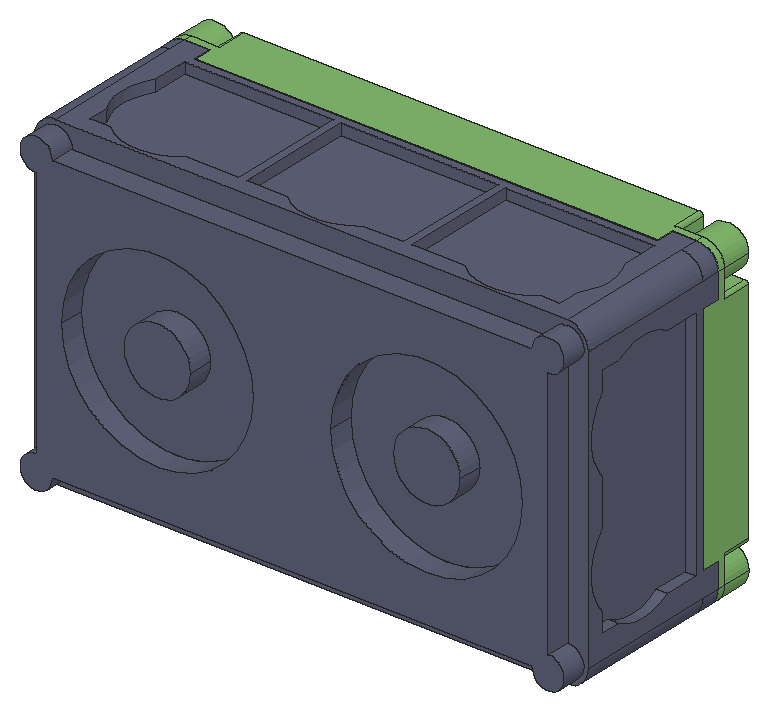
Revit family "E_Cable Junction Box_MEPcontent_Spelsberg_BS 2_INT-EN", category Electrical Fixtures, Revit 2017
Family settings
  Maintain Annotation Orientation = Yes
  Round Connector Dimension = Use Diameter
  Part Type = Junction Box
  OmniClass Number = 23.80.30.14.24
  OmniClass Title = Junction Boxes
  Work Plane-Based = No
  Always vertical = Yes
  Cut with Voids When Loaded = No
  Shared = No
  Room Calculation Point = No
Parameters (values of type "BS 2")
  Width = 86.000 mm
  Voltage = 230 V  # constant formula
  URL = ""
  Rotation W-Axis Total [instance] = [Rotation W-Axis Correction] + [Rotation W-Axis]  # 0.00°
  Rotation W-Axis Default Correction = 0.00°
  Rotation W-Axis Correction = 0.00°
  Rotation W-Axis [instance] = 0.00°
  Rotation V-Axis Total [instance] = [Rotation V-Axis Correction] + [Rotation V-Axis]  # 0.00°
  Rotation V-Axis Default Correction = 0.00°
  Rotation V-Axis Correction = 0.00°
  Rotation V-Axis [instance] = 0.00°
  Rotation U-Axis Total [instance] = [Rotation U-Axis Correction] + [Rotation U-Axis]  # 0.00°
  Rotation U-Axis Default Correction = 0.00°
  Rotation U-Axis Correction = 0.00°
  Rotation U-Axis [instance] = 0.00°
  Revit Version = "2017"  # constant formula
  Product Line = "Spelsberg"  # constant formula
  Power [instance] = 0 VA
  Placeholder Height = 59.100 mm
  Model = "BS 2"
  Manufacturer URL = "http://www.spelsberg.com/p/97400201"
  Manufacturer Art. No. = "97400201"
  Manufacturer = "Spelsberg"  # constant formula
  Length = 146.000 mm
  IFCExportType = "NOTDEFINED"  # constant formula
  IFCExportAs = "IfcJunctionBox"  # constant formula
  Height = 59.100 mm
  Green = Color RAL 6018
  ETIM Article Class = "EC002601"  # constant formula
  Description = "Equipment installation box BS 2"  # constant formula
  Cable Opening Diameter [instance] = 32.000 mm
  Cap Offset [instance] = 0.000 mm
  Blue = Color RAL 5013
  Article Type = "BS 2"
  Article Description = "Equipment installation box BS 2"  # constant formula
  3D Representation = 3DGeometry : 3DGeometry
Reference planes
  plane 1 "Center (Front/Back)": y = 0
  plane 2: z = 0
  plane 3 "Center (Left/Right)": x = 0
Dimensions and locks
  aligned and locked: level to plane 2
Nested families
  nested 1: "GeometryPlaceholder" at (0, 0, 0) x (1, 0, 0) z (0, 0, -1), Rotation v-axis <- "Rotation V-Axis Total", Rotation w-axis <- "Rotation W-Axis Total", Rotation u-axis <- "Rotation U-Axis Total", Height <- "Placeholder Height", type "GeometryPlaceholder", not visible
    with Width 10.000 mm, Rotation w-axis 0.00°, Rotation v-axis 0.00°, Rotation u-axis 0.00°, ModelBaseAngle 0.00°, Length 10.000 mm, Height 59.100 mm
  nested 2: "3DGeometry" at (0, 0, 0) x (1, 0, 0) z (0, 1, 0), type <- "3D Representation", Cap Offset <- "Cap Offset", type "3DGeometry"
    with Cap Offset Safe 0.000 mm, Cap Offset 0.000 mm, Cable Opening Diameter 32.000 mm
Connectors
  cabletrayconduit at (46, 24.5, -40), diameter 32, driven by "Cable Opening Diameter"
    settings: on nested 2, index 1, connector width 300.000 mm, connector height 300.000 mm, connector angle 0.00°, system type 32, placement type 0, profile type 0, connector reference index -1, is primary connector yes, connector utility param no, connector description "Conduit Individual Connector1"
  cabletrayconduit at (0, 24.5, -40), diameter 32, driven by "Cable Opening Diameter"
    settings: on nested 2, index 2, connector width 300.000 mm, connector height 300.000 mm, connector angle 0.00°, system type 32, placement type 0, profile type 0, connector reference index -1, is primary connector no, connector utility param no, connector description "Conduit Individual Connector2"
  cabletrayconduit at (-46, 24.5, -40), diameter 32, driven by "Cable Opening Diameter"
    settings: on nested 2, index 3, connector width 300.000 mm, connector height 300.000 mm, connector angle 0.00°, system type 32, placement type 0, profile type 0, connector reference index -1, is primary connector no, connector utility param no, connector description "Conduit Individual Connector3"
  cabletrayconduit at (-70, 24.5, -16), diameter 32, driven by "Cable Opening Diameter"
    settings: on nested 2, index 4, connector width 300.000 mm, connector height 300.000 mm, connector angle 0.00°, system type 32, placement type 0, profile type 0, connector reference index -1, is primary connector no, connector utility param no, connector description "Conduit Individual Connector4"
  cabletrayconduit at (-70, 24.5, 16), diameter 32, driven by "Cable Opening Diameter"
    settings: on nested 2, index 5, connector width 300.000 mm, connector height 300.000 mm, connector angle 0.00°, system type 32, placement type 0, profile type 0, connector reference index -1, is primary connector no, connector utility param no, connector description "Conduit Individual Connector5"
  cabletrayconduit at (-46, 24.5, 40), diameter 32, driven by "Cable Opening Diameter"
    settings: on nested 2, index 6, connector width 300.000 mm, connector height 300.000 mm, connector angle 0.00°, system type 32, placement type 0, profile type 0, connector reference index -1, is primary connector no, connector utility param no, connector description "Conduit Individual Connector6"
  cabletrayconduit at (0, 24.5, 40), diameter 32, driven by "Cable Opening Diameter"
    settings: on nested 2, index 7, connector width 300.000 mm, connector height 300.000 mm, connector angle 0.00°, system type 32, placement type 0, profile type 0, connector reference index -1, is primary connector no, connector utility param no, connector description "Conduit Individual Connector7"
  cabletrayconduit at (46, 24.5, 40), diameter 32, driven by "Cable Opening Diameter"
    settings: on nested 2, index 8, connector width 300.000 mm, connector height 300.000 mm, connector angle 0.00°, system type 32, placement type 0, profile type 0, connector reference index -1, is primary connector no, connector utility param no, connector description "Conduit Individual Connector8"
  cabletrayconduit at (70, 24.5, 16), diameter 32, driven by "Cable Opening Diameter"
    settings: on nested 2, index 9, connector width 300.000 mm, connector height 300.000 mm, connector angle 0.00°, system type 32, placement type 0, profile type 0, connector reference index -1, is primary connector no, connector utility param no, connector description "Conduit Individual Connector9"
  cabletrayconduit at (70, 24.5, -16), diameter 32, driven by "Cable Opening Diameter"
    settings: on nested 2, index 10, connector width 300.000 mm, connector height 300.000 mm, connector angle 0.00°, system type 32, placement type 0, profile type 0, connector reference index -1, is primary connector no, connector utility param no, connector description "Conduit Individual Connector10"
Definition of nested family "3DGeometry"
  Parameters (values of type "3DGeometry")
    Width = 86.000 mm
    Length = 146.000 mm
    Height = 59.100 mm
    Cap Offset Safe [instance] = if(Cap Offset < 0.000 mm, 0.000 mm, Cap Offset)  # 25.000 mm
    Cap Offset [instance] = 25.000 mm
    Blue = none
    Type Comments = "﻿﻿ ﻿ ﻿﻿﻿﻿﻿﻿             ﻿     ﻿                ﻿  ﻿  ﻿​     ​​  ​​   ​​   ﻿﻿     ​      ​​  ​​      ﻿    ﻿﻿        ﻿ ﻿          ﻿﻿"
    Keynote = "﻿﻿ ﻿ ﻿﻿﻿﻿﻿﻿             ﻿     ﻿                ﻿  ﻿  ﻿​     ​​  ​​   ​​   ﻿﻿     ​      ​​  ​​      ﻿    ﻿﻿        ﻿ ﻿          ﻿﻿"
    Green = none
    Cable Opening Diameter [instance] = 32.000 mm
    Description = "﻿﻿ ﻿ ﻿﻿﻿﻿﻿﻿             ﻿     ﻿                ﻿  ﻿  ﻿​     ​​  ​​   ​​   ﻿﻿     ​      ​​  ​​      ﻿    ﻿﻿        ﻿ ﻿          ﻿﻿"
    Default Elevation = 0.000 mm
    Assembly Code = "﻿﻿ ﻿ ﻿﻿﻿﻿﻿﻿             ﻿     ﻿                ﻿  ﻿  ﻿​     ​​  ​​   ​​   ﻿﻿     ​      ​​  ​​      ﻿    ﻿﻿        ﻿ ﻿          ﻿﻿"
  Reference planes
    plane 1 "Center (Front/Back)": y = 0
    plane 2: z = 0
    plane 3 "Center (Left/Right)": x = 0
    plane 4 "width back": y = 43
    plane 5 "width front": y = -43
    plane 6: z = 59.1
    plane 7 "connectors": z = 24.5
    plane 8 "lid": z = 69.1
    plane 9 "top box": z = 74.1
    plane 10: y = 16
    plane 11: y = -16
    plane 12: z = 76.1
    plane 13 "length left": x = -73
    plane 14 "length right": x = 73
    plane 15: x = -46
    plane 16: x = 46
    plane 17 "offset": z = 84.1
    plane 18 "fixed": z = 44.1
    plane 19: z = 49.1
    plane 20: z = 51.1
  Forms (mm)
    Extrusion 1, solid
      sketch origin (0, 0, 0) x (1, 0, 0) y (0, 1, 0)
        loop
          line (-1219.2, 1219.2) -> (-1219.2, -1219.2) -> (1219.2, -1219.2) -> (1219.2, 1219.2) -> (-1219.2, 1219.2)
      from 0 to -304.8
    Extrusion 2, solid, material <- "Blue", detail levels fine
      sketch origin (0, 0, 0) x (1, 0, 0) y (0, 1, 0)
        loop
          arc (-67.5, 43) -> (-71.389, 41.389) -> (-73, 37.5) r 5.5
          line (-73, 37.5) -> (-73, -37.5)
          arc (-73, -37.5) -> (-71.389, -41.389) -> (-67.5, -43) r 5.5
          line (-67.5, -43) -> (67.5, -43)
          arc (67.5, -43) -> (71.389, -41.389) -> (73, -37.5) r 5.5
          line (73, -37.5) -> (73, 37.5)
          arc (73, 37.5) -> (71.389, 41.389) -> (67.5, 43) r 5.5
          line (67.5, 43) -> (-67.5, 43)
      from 0 to 44.1
    Extrusion 3, void
      sketch origin (0, 0, 0) x (1, 0, 0) y (0, 0, 1)
        loop
          line (-62, 42) -> (-62, 32.5)
          arc (-62, 32.5) -> (-64.311, 24.5) -> (-62, 16.5) r 15
          line (-62, 16.5) -> (-62, 10.82) -> (-56.811, 10.82)
          arc (-56.811, 10.82) -> (-46.811, 7) -> (-36.811, 10.82) r 15
          line (-36.811, 10.82) -> (-22.75, 10.82) -> (-22.75, 42) -> (-62, 42)
        loop
          arc (36.811, 10.82) -> (46.811, 7) -> (56.811, 10.82) r 15
          line (56.811, 10.82) -> (62, 10.82) -> (62, 16.5)
          arc (62, 16.5) -> (64.311, 24.5) -> (62, 32.5) r 15
          line (62, 32.5) -> (62, 42) -> (22.75, 42) -> (22.75, 10.82) -> (36.811, 10.82)
        loop
          line (-20.75, 42) -> (-20.75, 10.82) -> (-10, 10.82)
          arc (-10, 10.82) -> (0, 7) -> (10, 10.82) r 15
          line (10, 10.82) -> (20.75, 10.82) -> (20.75, 42) -> (-20.75, 42)
      from 40 to 43
    Extrusion 4, void
      sketch origin (0, 0, 0) x (1, 0, 0) y (0, 0, -1)
        loop
          line (-62, -42) -> (-22.75, -42) -> (-22.75, -10.82) -> (-36.811, -10.82)
          arc (-36.811, -10.82) -> (-46.811, -7) -> (-56.811, -10.82) r 15
          line (-56.811, -10.82) -> (-62, -10.82) -> (-62, -16.5)
          arc (-62, -16.5) -> (-64.311, -24.5) -> (-62, -32.5) r 15
          line (-62, -32.5) -> (-62, -42)
        loop
          line (36.811, -10.82) -> (22.75, -10.82) -> (22.75, -42) -> (62, -42) -> (62, -32.5)
          arc (62, -32.5) -> (64.311, -24.5) -> (62, -16.5) r 15
          line (62, -16.5) -> (62, -10.82) -> (56.811, -10.82)
          arc (56.811, -10.82) -> (46.811, -7) -> (36.811, -10.82) r 15
        loop
          line (-20.75, -42) -> (20.75, -42) -> (20.75, -10.82) -> (10, -10.82)
          arc (10, -10.82) -> (0, -7) -> (-10, -10.82) r 15
          line (-10, -10.82) -> (-20.75, -10.82) -> (-20.75, -42)
      from 40 to 43
    Extrusion 5, void
      sketch origin (0, 0, 0) x (0, 1, 0) y (0, 0, 1)
        loop
          line (31.189, 42) -> (-31.189, 42) -> (-31.189, 32.5)
          arc (-31.189, 32.5) -> (-33.5, 24.5) -> (-31.189, 16.5) r 15
          line (-31.189, 16.5) -> (-31.189, 10.82) -> (-26, 10.82)
          arc (-26, 10.82) -> (-16, 7) -> (-6, 10.82) r 15
          line (-6, 10.82) -> (6, 10.82)
          arc (6, 10.82) -> (16, 7) -> (26, 10.82) r 15
          line (26, 10.82) -> (31.189, 10.82) -> (31.189, 16.5)
          arc (31.189, 16.5) -> (33.5, 24.5) -> (31.189, 32.5) r 15
          line (31.189, 32.5) -> (31.189, 42)
      from 70 to 73
    Extrusion 6, void
      sketch origin (0, 0, 0) x (0, 1, 0) y (0, 0, -1)
        loop
          line (31.189, -42) -> (31.189, -32.5)
          arc (31.189, -32.5) -> (33.5, -24.5) -> (31.189, -16.5) r 15
          line (31.189, -16.5) -> (31.189, -10.82) -> (26, -10.82)
          arc (26, -10.82) -> (16, -7) -> (6, -10.82) r 15
          line (6, -10.82) -> (-6, -10.82)
          arc (-6, -10.82) -> (-16, -7) -> (-26, -10.82) r 15
          line (-26, -10.82) -> (-31.189, -10.82) -> (-31.189, -16.5)
          arc (-31.189, -16.5) -> (-33.5, -24.5) -> (-31.189, -32.5) r 15
          line (-31.189, -32.5) -> (-31.189, -42) -> (31.189, -42)
      from 70 to 73
    Extrusion 7, solid, material <- "Green", detail levels fine
      sketch origin (0, 0, 0) x (1, 0, 0) y (0, 1, 0)
        loop
          arc (-67.5, 43) -> (-71.389, 41.389) -> (-73, 37.5) r 5.5
          line (-73, 37.5) -> (-73, -37.5)
          arc (-73, -37.5) -> (-71.389, -41.389) -> (-67.5, -43) r 5.5
          line (-67.5, -43) -> (67.5, -43)
          arc (67.5, -43) -> (71.389, -41.389) -> (73, -37.5) r 5.5
          line (73, -37.5) -> (73, 37.5)
          arc (73, 37.5) -> (71.389, 41.389) -> (67.5, 43) r 5.5
          line (67.5, 43) -> (-67.5, 43)
      from 69.1 to 76.1
    Extrusion 8, void
      sketch origin (0, 0, 0) x (1, 0, 0) y (0, 1, 0)
        loop
          line (-63.25, -37.5) -> (63.25, -37.5)
          arc (63.25, -37.5) -> (70.505, -40.505) -> (67.5, -33.25) r 4.25
          line (67.5, -33.25) -> (67.5, 33.25)
          arc (67.5, 33.25) -> (70.505, 40.505) -> (63.25, 37.5) r 4.25
          line (63.25, 37.5) -> (-63.25, 37.5)
          arc (-63.25, 37.5) -> (-70.505, 40.505) -> (-67.5, 33.25) r 4.25
          line (-67.5, 33.25) -> (-67.5, -33.25)
          arc (-67.5, -33.25) -> (-70.505, -40.505) -> (-63.25, -37.5) r 4.25
        loop
          line (-78, 48) -> (-78, -48) -> (78, -48) -> (78, 48) -> (-78, 48)
        loop
          circle (-35.5, 0) r 25.25
        loop
          circle (-35.5, 0) r 8.75
        loop
          circle (35.5, 0) r 25.25
        loop
          circle (35.5, 0) r 8.75
      from 0 to 6.372
    Extrusion 9, void
      sketch origin (0, 0, 0) x (1, 0, 0) y (0, 1, 0)
        loop
          line (-76, 46) -> (-76, 31) -> (-66, 31)
          arc (-66, 31) -> (-62.464, 32.464) -> (-61, 36) r 5
          line (-61, 36) -> (-61, 46) -> (-76, 46)
        loop
          line (76, 46) -> (61, 46) -> (61, 36)
          arc (61, 36) -> (62.464, 32.464) -> (66, 31) r 5
          line (66, 31) -> (76, 31) -> (76, 46)
        loop
          line (-76, -46) -> (-61, -46) -> (-61, -36)
          arc (-61, -36) -> (-62.464, -32.464) -> (-66, -31) r 5
          line (-66, -31) -> (-76, -31) -> (-76, -46)
        loop
          line (76, -46) -> (76, -31) -> (66, -31)
          arc (66, -31) -> (62.464, -32.464) -> (61, -36) r 5
          line (61, -36) -> (61, -46) -> (76, -46)
      from 69.1 to 74.1
    Extrusion 10, solid, material <- "Blue", detail levels fine
      sketch origin (0, 0, 0) x (1, 0, 0) y (0, 1, 0)
        loop
          arc (-67.5, 43) -> (-71.389, 41.389) -> (-73, 37.5) r 5.5
          line (-73, 37.5) -> (-73, 31) -> (-66, 31)
          arc (-66, 31) -> (-62.464, 32.464) -> (-61, 36) r 5
          line (-61, 36) -> (-61, 43) -> (-67.5, 43)
        loop
          line (67.5, 43) -> (61, 43) -> (61, 36)
          arc (61, 36) -> (62.464, 32.464) -> (66, 31) r 5
          line (66, 31) -> (73, 31) -> (73, 37.5)
          arc (73, 37.5) -> (71.389, 41.389) -> (67.5, 43) r 5.5
        loop
          line (-67.5, -43) -> (-61, -43) -> (-61, -36)
          arc (-61, -36) -> (-62.464, -32.464) -> (-66, -31) r 5
          line (-66, -31) -> (-73, -31) -> (-73, -37.5)
          arc (-73, -37.5) -> (-71.389, -41.389) -> (-67.5, -43) r 5.5
        loop
          arc (67.5, -43) -> (71.389, -41.389) -> (73, -37.5) r 5.5
          line (73, -37.5) -> (73, -31) -> (66, -31)
          arc (66, -31) -> (62.464, -32.464) -> (61, -36) r 5
          line (61, -36) -> (61, -43) -> (67.5, -43)
      from 44.1 to 49.1
    Extrusion 11, solid, material <- "Green", detail levels fine
      sketch origin (0, 0, 0) x (1, 0, 0) y (0, 1, 0)
        loop
          arc (-60, 43) -> (-60.707, 42.707) -> (-61, 42) r 1
          line (-61, 42) -> (-61, 36)
          arc (-61, 36) -> (-62.464, 32.464) -> (-66, 31) r 5
          line (-66, 31) -> (-72, 31)
          arc (-72, 31) -> (-72.707, 30.707) -> (-73, 30) r 1
          line (-73, 30) -> (-73, -30)
          arc (-73, -30) -> (-72.707, -30.707) -> (-72, -31) r 1
          line (-72, -31) -> (-66, -31)
          arc (-66, -31) -> (-62.464, -32.464) -> (-61, -36) r 5
          line (-61, -36) -> (-61, -42)
          arc (-61, -42) -> (-60.707, -42.707) -> (-60, -43) r 1
          line (-60, -43) -> (60, -43)
          arc (60, -43) -> (60.707, -42.707) -> (61, -42) r 1
          line (61, -42) -> (61, -36)
          arc (61, -36) -> (62.464, -32.464) -> (66, -31) r 5
          line (66, -31) -> (72, -31)
          arc (72, -31) -> (72.707, -30.707) -> (73, -30) r 1
          line (73, -30) -> (73, 30)
          arc (73, 30) -> (72.707, 30.707) -> (72, 31) r 1
          line (72, 31) -> (66, 31)
          arc (66, 31) -> (62.464, 32.464) -> (61, 36) r 5
          line (61, 36) -> (61, 42)
          arc (61, 42) -> (60.707, 42.707) -> (60, 43) r 1
          line (60, 43) -> (-60, 43)
        loop
          circle (-67.5, 37.5) r 4.25
        loop
          circle (-67.5, 37.5) r 5.5
        loop
          circle (67.5, 37.5) r 4.25
        loop
          circle (67.5, 37.5) r 5.5
        loop
          circle (-67.5, -37.5) r 4.25
        loop
          circle (-67.5, -37.5) r 5.5
        loop
          circle (67.5, -37.5) r 4.25
        loop
          circle (67.5, -37.5) r 5.5
        loop
          circle (0, 0) r 12.5
        loop
          circle (-51, 21) r 4
      from 76.1 to 84.1
    Extrusion 12, solid, not visible, detail levels coarse+medium
      sketch origin (0, 0, 0) x (1, 0, 0) y (0, 0, 1)
        loop
          circle (-46, 24.5) r 5
        loop
          circle (46, 24.5) r 5
        loop
          circle (0, 24.5) r 5
      from 37.5 to 40
    Extrusion 13, solid, not visible, detail levels coarse+medium
      sketch origin (0, 0, 0) x (1, 0, 0) y (0, 0, 1)
        loop
          circle (-46, 24.5) r 5
        loop
          circle (46, 24.5) r 5
        loop
          circle (0, 24.5) r 5
      from -40 to -37.5
    Extrusion 14, solid, not visible, detail levels coarse+medium
      sketch origin (0, 0, 0) x (0, 1, 0) y (0, 0, 1)
        loop
          circle (16, 24.5) r 5
        loop
          circle (-16, 24.5) r 5
      from -70 to -67.5
    Extrusion 15, solid, not visible, detail levels coarse+medium
      sketch origin (0, 0, 0) x (0, 1, 0) y (0, 0, 1)
        loop
          circle (16, 24.5) r 5
        loop
          circle (-16, 24.5) r 5
      from 67.5 to 70
    Extrusion 16, solid, detail levels coarse+medium
      sketch origin (0, 0, 0) x (1, 0, 0) y (0, 1, 0)
        loop
          arc (-67.5, 43) -> (-71.389, 41.389) -> (-73, 37.5) r 5.5
          line (-73, 37.5) -> (-73, -37.5)
          arc (-73, -37.5) -> (-71.389, -41.389) -> (-67.5, -43) r 5.5
          line (-67.5, -43) -> (67.5, -43)
          arc (67.5, -43) -> (71.389, -41.389) -> (73, -37.5) r 5.5
          line (73, -37.5) -> (73, 37.5)
          arc (73, 37.5) -> (71.389, 41.389) -> (67.5, 43) r 5.5
          line (67.5, 43) -> (-67.5, 43)
      from 0 to 44.1
    Extrusion 17, solid, detail levels coarse+medium
      sketch origin (0, 0, 0) x (1, 0, 0) y (0, 1, 0)
        loop
          arc (-67.5, 43) -> (-71.389, 41.389) -> (-73, 37.5) r 5.5
          line (-73, 37.5) -> (-73, -37.5)
          arc (-73, -37.5) -> (-71.389, -41.389) -> (-67.5, -43) r 5.5
          line (-67.5, -43) -> (67.5, -43)
          arc (67.5, -43) -> (71.389, -41.389) -> (73, -37.5) r 5.5
          line (73, -37.5) -> (73, 37.5)
          arc (73, 37.5) -> (71.389, 41.389) -> (67.5, 43) r 5.5
          line (67.5, 43) -> (-67.5, 43)
      from 69.1 to 84.1
  Cuts and joins
    Extrusion 3, Extrusion 4, Extrusion 5, Extrusion 6, Extrusion 8 cuts Extrusion 2
    Extrusion 5 cuts Extrusion 10
    joined: Extrusion 2, Extrusion 10
    Extrusion 9 cuts Extrusion 7
    joined: Extrusion 7, Extrusion 11
    Extrusion 3, Extrusion 4, Extrusion 5, Extrusion 6, Extrusion 8 cuts Extrusion 16
  Dimensions and locks
    equal spacing: plane 4 "width back", plane 1 "Center (Front/Back)", plane 5 "width front"
    plane 7 "connectors" to plane 2 = 24.500 mm
    "Width": plane 4 "width back" to plane 5 "width front"
    "Height": plane 6 to plane 2
    locked: plane 9 "top box" to plane 8 "lid" at 5
    Extrusion 8 sketch curve to plane 3 "Center (Left/Right)" = 67.500 mm
    plane 1 "Center (Front/Back)" to Extrusion 8 sketch curve = 37.500 mm
    plane 5 "width front" to Extrusion 8 sketch curve = 5.000 mm
    Extrusion 8 sketch curve to plane 4 "width back" = 5.000 mm
    Extrusion 3 sketch curve to plane 3 "Center (Left/Right)" = 62.000 mm
    equal spacing: Extrusion 5 sketch curve, plane 1 "Center (Front/Back)", Extrusion 5 sketch curve  (x2)
    equal spacing: Extrusion 6 sketch curve, plane 1 "Center (Front/Back)", Extrusion 6 sketch curve  (x2)
    plane 4 "width back" to Extrusion 9 sketch curve = 12.000 mm
    Extrusion 6 sketch curve to plane 1 "Center (Front/Back)" = 16.000 mm
    plane 1 "Center (Front/Back)" to Extrusion 6 sketch curve = 16.000 mm
    Extrusion 5 sketch curve to plane 1 "Center (Front/Back)" = 16.000 mm
    plane 1 "Center (Front/Back)" to Extrusion 5 sketch curve = 16.000 mm
    plane 10 to plane 1 "Center (Front/Back)" to plane 11 = 16.000 mm, 16.000 mm
    locked: plane 12 to plane 9 "top box" at 2
    Extrusion 11 sketch curve to Extrusion 11 sketch curve = 135.000 mm
    Extrusion 11 sketch curve to plane 3 "Center (Left/Right)" = 51.000 mm
    Extrusion 8 sketch curve to Extrusion 8 sketch curve = 71.000 mm
    equal spacing: Extrusion 8 sketch curve, plane 3 "Center (Left/Right)", Extrusion 8 sketch curve
    "Length": plane 13 "length left" to plane 14 "length right"
    equal spacing: plane 13 "length left", plane 3 "Center (Left/Right)", plane 14 "length right"
    plane 3 "Center (Left/Right)" to Extrusion 3 sketch curve = 62.000 mm
    plane 3 "Center (Left/Right)" to plane 15 = 46.000 mm
    plane 16 to plane 3 "Center (Left/Right)" = 46.000 mm
    "Cap Offset Safe": plane 17 "offset" to plane 6
    locked: plane 17 "offset" to plane 8 "lid" at 15
    locked: plane 19 to plane 18 "fixed" at 5
    locked: plane 20 to plane 19 at 2
    locked: plane 18 "fixed" to Extrusion 3 sketch curve at 2.1  (x3)
    locked: plane 18 "fixed" to Extrusion 4 sketch curve at 2.1  (x3)
    locked: plane 18 "fixed" to Extrusion 5 sketch curve at 2.1
    locked: plane 18 "fixed" to Extrusion 6 sketch curve at 2.1
    radius of Extrusion 3 sketch curve = 15.000 mm  (x4)
    radius of Extrusion 5 sketch curve = 15.000 mm  (x4)
    radius of Extrusion 6 sketch curve = 15.000 mm  (x4)
    diameter of Extrusion 8 sketch curve = 50.500 mm
    diameter of Extrusion 8 sketch curve = 17.500 mm
    radius of Extrusion 4 sketch curve = 15.000 mm  (x4)
    aligned and locked: plane 2 to Extrusion 1
    aligned and locked: level to Extrusion 1
    aligned and locked: Extrusion 2 sketch curve to plane 4 "width back"
    aligned and locked: plane 5 "width front" to Extrusion 2 sketch curve
    aligned and locked: Extrusion 2 to level
    aligned and locked: Extrusion 7 to plane 8 "lid"
    aligned and locked: Extrusion 9 to plane 8 "lid"
    aligned and locked: Extrusion 9 to plane 9 "top box"
    aligned and locked: cut or joined group of Extrusion 7, Extrusion 9, Extrusion 11 to plane 12
    aligned and locked: Extrusion 11 to plane 12
    aligned and locked: plane 7 "connectors" to Extrusion 12 sketch curve  (x3)
    aligned and locked: plane 7 "connectors" to Extrusion 13 sketch curve  (x3)
    aligned and locked: plane 10 to Extrusion 14 sketch curve
    aligned and locked: plane 7 "connectors" to Extrusion 14 sketch curve  (x2)
    aligned and locked: plane 11 to Extrusion 14 sketch curve
    aligned and locked: plane 10 to Extrusion 15 sketch curve
    aligned and locked: plane 7 "connectors" to Extrusion 15 sketch curve  (x2)
    aligned and locked: plane 11 to Extrusion 15 sketch curve
    aligned and locked: Extrusion 16 to plane 2
    aligned and locked: plane 15 to Extrusion 12 sketch curve
    aligned and locked: plane 16 to Extrusion 12 sketch curve
    aligned and locked: plane 3 "Center (Left/Right)" to Extrusion 12 sketch curve
    aligned and locked: plane 15 to Extrusion 13 sketch curve
    aligned and locked: plane 16 to Extrusion 13 sketch curve
    aligned and locked: plane 3 "Center (Left/Right)" to Extrusion 13 sketch curve
    aligned and locked: cut or joined group of Extrusion 7, Extrusion 9, Extrusion 11 to plane 17 "offset"
    aligned and locked: plane 18 "fixed" to Extrusion 2
    aligned and locked: plane 18 "fixed" to cut or joined group of Extrusion 3, Extrusion 4, Extrusion 5, Extrusion 6, Extrusion 8, Extrusion 16
    aligned and locked: plane 19 to cut or joined group of Extrusion 2, Extrusion 3, Extrusion 4, Extrusion 5, Extrusion 6, Extrusion 8, Extrusion 10
    aligned and locked: Extrusion 17 to plane 8 "lid"
    aligned and locked: Extrusion 17 to plane 17 "offset"
  Automatic sketch dimensions
    Extrusion 1 sketch curve to Extrusion 1 sketch curve = 2438.400 mm  (x2)
    Extrusion 5 sketch curve to plane 7 "connectors" = 0.000 mm  (x2)
    plane 11 to Extrusion 5 sketch curve = 2.500 mm
    plane 11 to Extrusion 5 sketch curve = 10.000 mm
    Extrusion 5 sketch curve to Extrusion 5 sketch curve = 5.189 mm  (x2)
    plane 7 "connectors" to Extrusion 5 sketch curve = 8.000 mm
    plane 1 "Center (Front/Back)" to Extrusion 5 sketch curve = 6.000 mm
    Extrusion 5 sketch curve to plane 10 = 2.500 mm
    level to Extrusion 5 sketch curve = 10.820 mm
    Extrusion 6 sketch curve to plane 7 "connectors" = 0.000 mm  (x2)
    plane 11 to Extrusion 6 sketch curve = 2.500 mm
    plane 11 to Extrusion 6 sketch curve = 10.000 mm
    Extrusion 6 sketch curve to Extrusion 6 sketch curve = 5.189 mm  (x2)
    plane 7 "connectors" to Extrusion 6 sketch curve = 8.000 mm
    plane 1 "Center (Front/Back)" to Extrusion 6 sketch curve = 6.000 mm
    Extrusion 6 sketch curve to plane 10 = 2.500 mm
    Extrusion 7 sketch curve to plane 5 "width front" = 0.000 mm
    Extrusion 7 sketch curve to plane 4 "width back" = 0.000 mm
    Extrusion 10 sketch curve to plane 4 "width back" = 0.000 mm  (x2)
    Extrusion 10 sketch curve to plane 5 "width front" = 0.000 mm  (x2)
    Extrusion 10 sketch curve to Extrusion 10 sketch curve = 1.500 mm  (x5)
    Extrusion 10 sketch curve to Extrusion 10 sketch curve = 6.500 mm  (x5)
    Extrusion 8 sketch curve to Extrusion 8 sketch curve = 0.000 mm  (x4)
    plane 1 "Center (Front/Back)" to Extrusion 8 sketch curve = 0.000 mm  (x2)
    Extrusion 8 sketch curve to Extrusion 8 sketch curve = 4.250 mm  (x3)
    Extrusion 8 sketch curve to Extrusion 8 sketch curve = 14.750 mm  (x2)
    Extrusion 16 sketch curve to plane 5 "width front" = 0.000 mm
    Extrusion 16 sketch curve to plane 4 "width back" = 0.000 mm
    Extrusion 9 sketch curve to Extrusion 9 sketch curve = 5.000 mm  (x4)
    plane 4 "width back" to Extrusion 9 sketch curve = 3.000 mm  (x2)
    Extrusion 9 sketch curve to plane 5 "width front" = 3.000 mm  (x2)
    Extrusion 9 sketch curve to Extrusion 9 sketch curve = 10.000 mm  (x4)
    Extrusion 8 sketch curve to Extrusion 8 sketch curve = 10.500 mm
    Extrusion 10 sketch curve to Extrusion 10 sketch curve = 7.000 mm  (x3)
    Extrusion 2 sketch curve to Extrusion 2 sketch curve = 5.500 mm  (x3)
    Extrusion 8 sketch curve to Extrusion 8 sketch curve = 27.750 mm
    Extrusion 10 sketch curve to Extrusion 10 sketch curve = 5.000 mm  (x2)
    Extrusion 7 sketch curve to Extrusion 7 sketch curve = 5.500 mm  (x3)
    plane 5 "width front" to Extrusion 8 sketch curve = 5.500 mm
    plane 5 "width front" to Extrusion 9 sketch curve = 7.000 mm  (x2)
    plane 5 "width front" to Extrusion 10 sketch curve = 5.500 mm
    Extrusion 16 sketch curve to Extrusion 16 sketch curve = 5.500 mm  (x3)
    Extrusion 7 sketch curve to plane 4 "width back" = 5.500 mm
    Extrusion 9 sketch curve to plane 4 "width back" = 12.000 mm
    Extrusion 3 sketch curve to plane 7 "connectors" = 0.000 mm  (x2)
    Extrusion 3 sketch curve to plane 3 "Center (Left/Right)" = 0.000 mm
    plane 13 "length left" to Extrusion 3 sketch curve = 11.000 mm
    Extrusion 3 sketch curve to Extrusion 3 sketch curve = 5.189 mm  (x2)
    Extrusion 3 sketch curve to Extrusion 3 sketch curve = 12.689 mm
    Extrusion 3 sketch curve to Extrusion 3 sketch curve = 2.500 mm  (x2)
    Extrusion 3 sketch curve to plane 7 "connectors" = 2.500 mm  (x2)
    level to Extrusion 3 sketch curve = 10.820 mm  (x2)
    Extrusion 3 sketch curve to plane 14 "length right" = 11.000 mm
    Extrusion 3 sketch curve to Extrusion 3 sketch curve = 2.000 mm  (x2)
    Extrusion 3 sketch curve to Extrusion 3 sketch curve = 10.000 mm
    Extrusion 3 sketch curve to Extrusion 3 sketch curve = 0.000 mm
    Extrusion 4 sketch curve to plane 7 "connectors" = 0.000 mm  (x2)
    Extrusion 4 sketch curve to plane 3 "Center (Left/Right)" = 0.000 mm
    Extrusion 4 sketch curve to Extrusion 4 sketch curve = 2.000 mm  (x2)
    Extrusion 4 sketch curve to Extrusion 4 sketch curve = 14.061 mm  (x2)
    Extrusion 4 sketch curve to Extrusion 4 sketch curve = 10.000 mm  (x2)
    Extrusion 4 sketch curve to Extrusion 4 sketch curve = 2.500 mm  (x2)
    level to Extrusion 4 sketch curve = 10.820 mm  (x2)
    Extrusion 4 sketch curve to Extrusion 4 sketch curve = 5.189 mm  (x2)
    plane 7 "connectors" to Extrusion 4 sketch curve = 8.000 mm
    Extrusion 4 sketch curve to plane 7 "connectors" = 2.500 mm  (x2)
    Extrusion 4 sketch curve to plane 14 "length right" = 11.000 mm
    Extrusion 4 sketch curve to Extrusion 4 sketch curve = 0.000 mm
    plane 13 "length left" to Extrusion 4 sketch curve = 11.000 mm  (x2)
    Extrusion 2 sketch curve to plane 13 "length left" = 0.000 mm
    Extrusion 3 sketch curve to plane 3 "Center (Left/Right)" = 22.750 mm
    Extrusion 3 sketch curve to plane 3 "Center (Left/Right)" = 10.000 mm
    Extrusion 4 sketch curve to plane 3 "Center (Left/Right)" = 10.000 mm
    Extrusion 7 sketch curve to plane 13 "length left" = 0.000 mm
    plane 13 "length left" to Extrusion 9 sketch curve = 12.000 mm  (x2)
    Extrusion 10 sketch curve to plane 13 "length left" = 0.000 mm  (x2)
    Extrusion 16 sketch curve to plane 13 "length left" = 0.000 mm
    Extrusion 2 sketch curve to plane 14 "length right" = 0.000 mm
    Extrusion 2 sketch curve to plane 14 "length right" = 5.500 mm
    plane 3 "Center (Left/Right)" to Extrusion 3 sketch curve = 10.000 mm
    Extrusion 3 sketch curve to Extrusion 3 sketch curve = 10.750 mm
    Extrusion 3 sketch curve to Extrusion 3 sketch curve = 14.061 mm
    plane 3 "Center (Left/Right)" to Extrusion 4 sketch curve = 10.000 mm
    Extrusion 4 sketch curve to Extrusion 4 sketch curve = 10.750 mm
    Extrusion 7 sketch curve to plane 14 "length right" = 0.000 mm
    Extrusion 9 sketch curve to plane 14 "length right" = 12.000 mm  (x2)
    Extrusion 10 sketch curve to plane 14 "length right" = 0.000 mm  (x2)
    Extrusion 16 sketch curve to plane 14 "length right" = 0.000 mm
    Extrusion 16 sketch curve to plane 14 "length right" = 5.500 mm
    plane 15 to Extrusion 3 sketch curve = 9.189 mm
    Extrusion 5 sketch curve to plane 1 "Center (Front/Back)" = 6.000 mm
    Extrusion 6 sketch curve to plane 1 "Center (Front/Back)" = 6.000 mm
    Extrusion 6 sketch curve to plane 7 "connectors" = 2.500 mm
    Extrusion 17 sketch curve to plane 13 "length left" = 0.000 mm
    Extrusion 17 sketch curve to plane 5 "width front" = 0.000 mm
    Extrusion 17 sketch curve to plane 4 "width back" = 0.000 mm
    Extrusion 17 sketch curve to plane 14 "length right" = 0.000 mm
    plane 5 "width front" to Extrusion 17 sketch curve = 5.500 mm
    plane 13 "length left" to Extrusion 17 sketch curve = 5.500 mm
    Extrusion 17 sketch curve to plane 4 "width back" = 5.500 mm
    Extrusion 17 sketch curve to plane 14 "length right" = 5.500 mm
    Extrusion 11 sketch curve to Extrusion 11 sketch curve = 0.000 mm  (x8)
    Extrusion 11 sketch curve to plane 13 "length left" = 0.000 mm
    Extrusion 11 sketch curve to plane 5 "width front" = 0.000 mm
    Extrusion 11 sketch curve to plane 4 "width back" = 0.000 mm
    Extrusion 11 sketch curve to plane 14 "length right" = 0.000 mm
    plane 13 "length left" to Extrusion 11 sketch curve = 1.000 mm  (x2)
    plane 13 "length left" to Extrusion 11 sketch curve = 5.500 mm  (x2)
    Extrusion 11 sketch curve to Extrusion 11 sketch curve = 1.500 mm  (x6)
    Extrusion 11 sketch curve to Extrusion 11 sketch curve = 6.000 mm  (x3)
    Extrusion 11 sketch curve to plane 4 "width back" = 1.000 mm  (x2)
    Extrusion 11 sketch curve to Extrusion 11 sketch curve = 5.000 mm  (x3)
    plane 5 "width front" to Extrusion 11 sketch curve = 1.000 mm
    Extrusion 11 sketch curve to Extrusion 11 sketch curve = 1.000 mm
    Extrusion 11 sketch curve to plane 14 "length right" = 1.000 mm  (x2)
    plane 5 "width front" to Extrusion 11 sketch curve = 5.500 mm  (x2)
    Extrusion 11 sketch curve to plane 10 = 5.000 mm
    Extrusion 11 sketch curve to plane 4 "width back" = 13.000 mm  (x2)
    Extrusion 11 sketch curve to plane 14 "length right" = 13.000 mm
    plane 1 "Center (Front/Back)" to Extrusion 11 sketch curve = 0.000 mm
    Extrusion 11 sketch curve to plane 3 "Center (Left/Right)" = 0.000 mm
    radius of Extrusion 14 sketch curve = 5.000 mm  (x2)
    radius of Extrusion 15 sketch curve = 5.000 mm  (x2)
    radius of Extrusion 8 sketch curve = 25.250 mm
    radius of Extrusion 8 sketch curve = 8.750 mm
    radius of Extrusion 12 sketch curve = 5.000 mm  (x3)
    radius of Extrusion 13 sketch curve = 5.000 mm  (x3)
    radius of Extrusion 11 sketch curve = 4.250 mm  (x4)
    radius of Extrusion 11 sketch curve = 5.500 mm  (x4)
    radius of Extrusion 11 sketch curve = 12.500 mm
    radius of Extrusion 11 sketch curve = 4.000 mm
